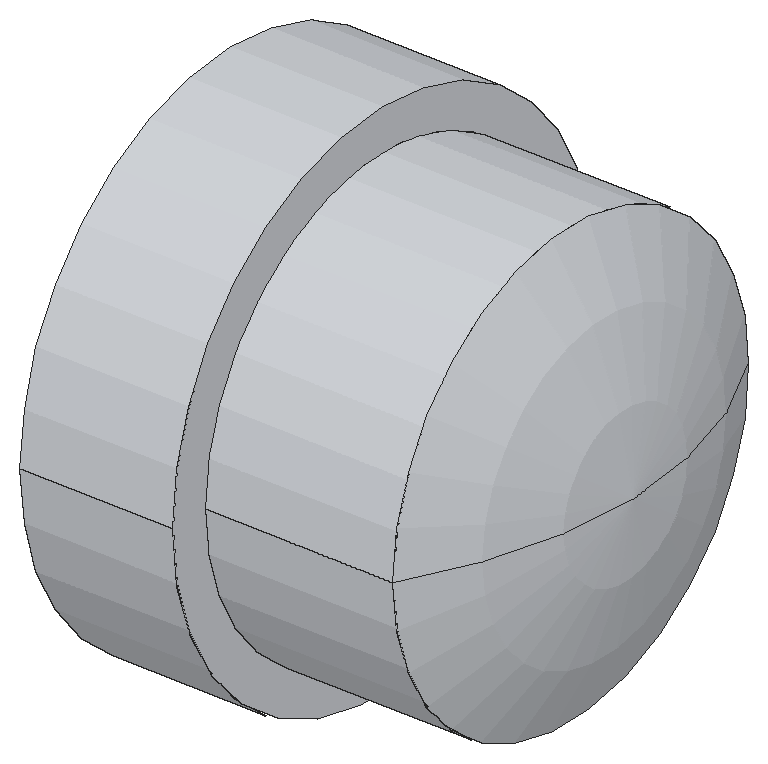
Revit family "M_Cobertura - Rosqueada - MI - Classe 150", category Conexões de tubo, Revit 2019
Family settings
  Cota do conector redondo = Usar raio
  Tipo de parte = Cobertura
  Número OmniClass = 23.60.30.11.14
  Título OmniClass = Pipework Fittings
  ID de item do Seek = Cap - Threaded - MI - Class 150-0000-CAN-ENU
  Com base no plano de trabalho = Não
  Sempre na vertical = Sim
  Corte com vazios quando carregada = Não
  Compartilhado = Não
Parameters (values of type "Padrão")
  Raio 1 [instance] = 0.5 * Raio externo da conexão ^ 2 / Comprimento 1 + Comprimento 1 / 2  # 14.229 mm
  Método de perda = Não definido
  Nome da tabela de pesquisa = "M_Cap - Threaded - MI - Class 150"
  Comprimento 1 [instance] = (Altura - Largura da fita) * 0.25  # 2.1 mm
  Raio nominal [instance] = 3 mm
  Diâmetro nominal [instance] = Raio nominal * 2  # 6 mm
  Espessura do Metal [instance] = size_lookup(Nome da tabela de pesquisa, "MThk", 0.04 * Diâmetro nominal + 2.183 mm, Diâmetro nominal)  # 2.29 mm
  Altura [instance] = size_lookup(Nome da tabela de pesquisa, "Hgt", 0.34 * Diâmetro nominal + 17.462 mm, Diâmetro nominal)  # 13.5 mm
  Raio externo da conexão [instance] = Diâmetro externo da conexão / 2  # 7.44 mm
  Diâmetro externo da conexão [instance] = Diâmetro interno da conexão + Espessura do Metal * 2  # 14.88 mm
  Diâmetro interno da conexão [instance] = size_lookup(Nome da tabela de pesquisa, "FID", 1.08 * Diâmetro nominal + 5.159 mm, Diâmetro nominal)  # 10.3 mm
  Largura da fita [instance] = size_lookup(Nome da tabela de pesquisa, "BWid", 0.12 * Diâmetro nominal + 4.465 mm, Diâmetro nominal)  # 5.1 mm
  Raio externo da fita [instance] = Diâmetro externo da fita / 2  # 8.8 mm
  Diâmetro externo da fita [instance] = size_lookup(Nome da tabela de pesquisa, "BOD", 1.23 * Diâmetro nominal + 12.402 mm, Diâmetro nominal)  # 17.6 mm
  Ângulo [instance] = asin(Raio externo da conexão / Raio 1)  # 31.5243°
Reference planes
  plane 1 "Centro (Frente/Trás)": y = 0
  plane 2: z = 0
  plane 3 "Centro (Esquerda/Direita)": x = 0
  plane 4: x = 13.5
  plane 5: x = 5.1
  plane 6: x = -0.729
  plane 7: x = 11.4
  plane 8: y = 7.44
Forms (mm)
  Extrusion 1, solid, detail levels fine
    sketch origin (0, 0, 0) x (0, 1, 0) y (0, 0, 1)
      loop
        circle (0, 0) r 8.8
    from 0 to 5.1
  Revolve 2, solid, detail levels fine
    sketch origin (0, 0, 0) x (1, 0, 0) y (0, 1, 0)
      loop
        arc (13.5, 0) -> (12.965, 3.865) -> (11.4, 7.44) r 14.229
        line (11.4, 7.44) -> (5.1, 7.44) -> (5.1, 0) -> (13.5, 0)
      axis (5.1, 0) -> (13.5, 0)
    angle from 0 to 360
Cuts and joins
  joined: Extrusion 1, Revolve 2
Lines and regions (mm)
  model lines, detail levels coarse+medium
    curve 1: line (0, 8.8, 0) -> (13.5, 8.8, 0)
    curve 2: line (0, -8.8, 0) -> (13.5, -8.8, 0)
    curve 3: line (13.5, -8.8, 0) -> (13.5, 8.8, 0)
Dimensions and locks
  "Altura": plane 3 "Centro (Esquerda/Direita)" to plane 4
  "Largura da fita": plane 3 "Centro (Esquerda/Direita)" to plane 5
  equal spacing: curve 2, plane 1 "Centro (Frente/Trás)", curve 1
  "Diâmetro externo da fita": curve 2 to curve 1
  equal spacing: curve 3, plane 1 "Centro (Frente/Trás)", curve 3
  "Diâmetro externo da fita": curve 3 to curve 3
  "Raio 1": plane 6 to plane 4
  "Comprimento 1": plane 7 to plane 4
  "Raio externo da conexão": plane 8 to plane 1 "Centro (Frente/Trás)"
  "Raio externo da fita": radius of Extrusion 1 sketch curve
  "Raio 1": radius of Revolve 2 sketch curve
  "Ângulo": angle Revolve 2 sketch curve to Revolve 2 sketch curve
  aligned and locked: plane 1 "Centro (Frente/Trás)" to Extrusion 1 sketch curve
  aligned and locked: plane 2 to Extrusion 1 sketch curve
  aligned and locked: Extrusion 1 to plane 3 "Centro (Esquerda/Direita)"
  aligned and locked: plane 5 to Extrusion 1
  aligned and locked: plane 3 "Centro (Esquerda/Direita)" to curve 2
  aligned and locked: plane 3 "Centro (Esquerda/Direita)" to curve 1
  aligned and locked: plane 4 to curve 3
  aligned and locked: plane 1 "Centro (Frente/Trás)" to Revolve 2 sketch curve  (x4)
  aligned and locked: plane 5 to Revolve 2 sketch curve  (x2)
  aligned and locked: Revolve 2 sketch curve to plane 8
  aligned and locked: plane 4 to Revolve 2 sketch curve
Automatic sketch dimensions
  Revolve 2 sketch curve to Revolve 2 sketch curve = 9.066 mm
  Revolve 2 sketch curve to Revolve 2 sketch curve = 10 mm
Connectors
  piping at (0, 0, 0), diameter 6, driven by "Raio nominal"
    settings: on Extrusion 1, index 1, connector inside diameter 609.6 mm, connector length 0 mm, flow factor 0, pipe flow 0.0 L/s, pressure drop 0.0 Pa, fitting loss kfactor 0, connector angle 0.00°, fixture units 0, engagement length 0 mm, angle of deflection 0.00°, flow configuration 0, flow direction 0, fitting loss method 0, system type 28, joint type 0, gender type 0, connector reference index -1, connector utility 0, adjustable connector no, is connector primary yes, connector description ""
